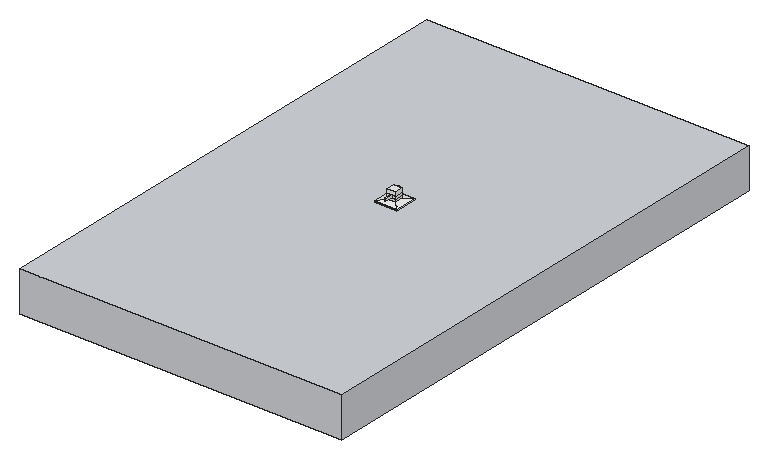
Revit family "Thermostatic_Trim-GROHE-Allure_Brilliant-19793000", category Plumbing Fixtures, host Face, Revit 2019
Family settings
  Host = Face
  Round Connector Dimension = Use Diameter
  Part Type = Normal
  OmniClass Number = 23.45.05.14.17
  OmniClass Title = Showers
  Cut with Voids When Loaded = No
  Shared = Yes
  Room Calculation Point = No
Parameters (values of type "19793000")
  Width = 6 11/16"  # constant formula
  Waste Connection = no
  Warranty Information = "LIMITED LIFETIME WARRANTY"
  Warranty Documentation Link = "https://cdn.cloud.grohe.com/tpi/1000/1900/1940/1949/1949006/original/1949006.pdf"
  WFU = 0  # constant formula
  Vent Connection = no
  URL = "https://www.grohe.us/"
  Type Comments = ""
  Shipping Weight = 6.230 lbf
  Revised Date = "07/2/2021"  # constant formula
  Product Page URL = "https://www.grohe.us/Thermostatic-Valves-Trims/Single-Function-Thermostatic-Valve-Trim-With-Control-Module/GROHE-CHROME-19793000"
  Product Documentation Link = "https://americanstandard.box.com/shared/static/rydg915cc6d3gu8jek1shkftxrik0atz.pdf"
  Price = "Prices may vary. Please consult Manufacturer Representative for most up-to-date price list."  # constant formula
  Model = "19793000"
  Material = "Metal-Grohe-StarLight_Chrome"
  Manufacturer = "Grohe"
  Length [instance] = 3 7/16"
  Length Constraint [instance] = if(Length < 3 7/16", 3 7/16", if(Length > 4 5/8", 4 5/8", Length))  # 3 7/16"
  Installation Type = "Wall Mounted"
  IAPMO Compliance = "ASME A112.18.1/CSA B125.1"
  Height = 6 11/16"  # constant formula
  HWFU = 0  # constant formula
  HW Connection = no
  Flow Rate = "6.3 gpm at 45 psi"
  Finish = Metal-Grohe-StarLight_Chrome
  Description = "Allure Brilliant Single Function Thermostatic Trim with Control Module"  # constant formula
  Default Elevation = 44"  # constant formula
  Creation Date = "06/22/2017"  # constant formula
  CWFU = 0  # constant formula
  CW Connection = no
  CEC Compliant = yes
  Assembly Code = "D2010710"
Reference planes (in)
  plane 1 "Center (Front/Back)": y = 0
  plane 2: z = 0
  plane 3 "Center (Left/Right)": x = 0
  plane 4: y = 40
  plane 5: y = -18
  plane 6: y = -39
  plane 7: y = 3.34375
  plane 8: y = -3.34375
  plane 9: x = 3.34375
  plane 10: x = -3.34375
  plane 11: z = 0.75
  plane 12: y = 1.25
  plane 13: y = -1.25
  plane 14: x = -1.25
  plane 15: x = 1.25
  plane 16: z = 3.4375
  plane 17: z = 1.38932
  plane 18: z = 1.45249
  plane 19: z = 3.20601
  plane 20: z = 2.24488
  plane 21: z = 2.18172
Forms (in)
  Extrusion 1, solid
    sketch origin (0, 0, 0) x (1, 0, 0) y (0, 1, 0)
      loop
        line (-48, 72) -> (-48, -79.70833) -> (48, -79.70833) -> (48, 72) -> (-48, 72)
    from 0 to -12
  Sweep 2, solid, material "Metal-Grohe-StarLight_Chrome" <- "Finish"
    path origin (0, 0, 0) x (1, 0, 0) y (0, 1, 0)
      loop
        line (-3.34375, 3.34375) -> (-3.34375, -3.34375) -> (3.34375, -3.34375) -> (3.34375, 3.34375) -> (-3.34375, 3.34375)
    profile origin (0, 3.34375, 0) x (0, 1, 0) y (0, 0, 1)
      loop
        line (0, 0) -> (0, 0.30718) -> (-2.09375, 0.75) -> (-2.33951, 0.75) -> (-2.33951, 0) -> (0, 0)
  Extrusion 3, solid, material "Metal-Grohe-StarLight_Chrome" <- "Finish"
    sketch origin (0, 0, 0) x (1, 0, 0) y (0, 1, 0)
      loop
        line (-1.25, 1.25) -> (-1.25, -1.25) -> (1.25, -1.25) -> (1.25, 1.25) -> (-1.25, 1.25)
    from 0 to 3.4375
  Extrusion 4, void
    sketch origin (0, 0, 0) x (1, 0, 0) y (0, 1, 0)
      loop
        line (-1.1875, 1.1875) -> (-1.1875, -1.1875) -> (1.1875, -1.1875) -> (1.1875, 1.1875) -> (-1.1875, 1.1875)
      loop
        line (-1.3125, 1.3125) -> (-1.3125, -1.3125) -> (1.3125, -1.3125) -> (1.3125, 1.3125) -> (-1.3125, 1.3125)
    from 1.38932 to 1.45249
  Extrusion 5, void
    sketch origin (0, 0, 0.79239) x (1, 0, 0) y (0, 1, 0)
      loop
        line (-1.1875, 1.1875) -> (-1.1875, -1.1875) -> (1.1875, -1.1875) -> (1.1875, 1.1875) -> (-1.1875, 1.1875)
      loop
        line (-1.3125, 1.3125) -> (-1.3125, -1.3125) -> (1.3125, -1.3125) -> (1.3125, 1.3125) -> (-1.3125, 1.3125)
    from 1.38932 to 1.45249
  Extrusion 6, solid, material "Metal-Grohe-StarLight_Chrome" <- "Finish"
    sketch origin (0, 0, 0) x (0, 1, 0) y (0, 0, 1)
      loop
        line (-3.34375, 1.45249) -> (-0.62474, 1.45249) -> (-0.62474, 2.18172) -> (-3.34375, 2.18172) -> (-3.34375, 1.45249)
      loop
        line (1.61721, 3.20601) -> (0.93777, 3.20601) -> (0.93777, 2.4259) -> (1.61721, 2.4259) -> (1.61721, 3.20601)
    from -0.12889 to 0.13131
Cuts and joins
  Extrusion 4 cuts Sweep 2
  Extrusion 4, Extrusion 5 cuts Extrusion 3
  joined: Sweep 2, Extrusion 3, Extrusion 6
Lines and regions (in)
  Masking region 1
    outline origin (0, 0, 0) x (1, 0, 0) y (0, 0, 1)
      loop
        line (3.34375, 0) -> (3.34375, 0.30718) -> (1.25, 0.75) -> (1.25, 1.38932) -> (1.1875, 1.38932) -> (1.1875, 1.45249) -> (1.25, 1.45249) -> (1.25, 2.18172) -> (1.1875, 2.18172) -> (1.1875, 2.24488) -> (1.25, 2.24488) -> (1.25, 3.4375) -> (-1.25, 3.4375) -> (-1.25, 2.24488) -> (-1.1875, 2.24488) -> (-1.1875, 2.18172) -> (-1.25, 2.18172) -> (-1.25, 1.45249) -> (-1.1875, 1.45249) -> (-1.1875, 1.38932) -> (-1.25, 1.38932) -> (-1.25, 0.75) -> (-3.34375, 0.30718) -> (-3.34375, 0) -> (3.34375, 0)
  symbolic lines, detail levels medium+fine
    curve 1: line (1.25, 0, 0.75) -> (-1.25, 0, 0.75)
  symbolic lines, detail levels fine
    curve 2: line (3.34375, 0, 0.30718) -> (-3.34375, 0, 0.30718)
    curve 3: line (1.1875, 0, 1.38932) -> (-1.1875, 0, 1.38932)
    curve 4: line (1.1875, 0, 1.45249) -> (-1.1875, 0, 1.45249)
    curve 5: line (1.1875, 0, 2.18172) -> (-1.1875, 0, 2.18172)
    curve 6: line (1.1875, 0, 2.24488) -> (-1.1875, 0, 2.24488)
    curve 7: line (0.13131, 0, 3.20601) -> (-0.12889, 0, 3.20601)
    curve 8: line (0.13131, 0, 2.4259) -> (0.13131, 0, 3.20601)
    curve 9: line (-0.12889, 0, 2.4259) -> (0.13131, 0, 2.4259)
    curve 10: line (-0.12889, 0, 3.20601) -> (-0.12889, 0, 2.4259)
Dimensions and locks (in)
  plane 1 "Center (Front/Back)" to plane 5 = 18"
  plane 5 to plane 6 = 21"
  plane 1 "Center (Front/Back)" to plane 4 = 40"
  equal spacing: plane 7, plane 1 "Center (Front/Back)", plane 8
  plane 7 to plane 8 = 6 11/16"
  plane 11 to level = 3/4"
  "Width": plane 10 to plane 9
  locked: Extrusion 1 to plane 11 at 0.75
  "Length Constraint": Extrusion 1 to plane 16
  locked: plane 17 to plane 18 at 0.06317
  cut or joined group of Sweep 2, Extrusion 3, Extrusion 4, Extrusion 5, Extrusion 6 to cut or joined group of Sweep 2, Extrusion 3, Extrusion 4, Extrusion 5, Extrusion 6 = 0.72923"
  locked: cut or joined group of Sweep 2, Extrusion 3, Extrusion 4, Extrusion 5, Extrusion 6 to cut or joined group of Sweep 2, Extrusion 3, Extrusion 4, Extrusion 5, Extrusion 6 at 0.7801  (x2)
  locked: cut or joined group of Sweep 2, Extrusion 3, Extrusion 4, Extrusion 5, Extrusion 6 to cut or joined group of Sweep 2, Extrusion 3, Extrusion 4, Extrusion 5, Extrusion 6 at 0.06317
  locked: plane 19 to plane 16 at 0.23149
  locked: plane 20 to plane 16 at 1.19262
  locked: plane 21 to plane 20 at 0.06317
  locked: plane 18 to plane 21 at 0.72923
  aligned and locked: plane 2 to Extrusion 1
  aligned and locked: level to Extrusion 1
  aligned and locked: plane 18 to cut or joined group of Sweep 2, Extrusion 3, Extrusion 4, Extrusion 5, Extrusion 6
  aligned and locked: Extrusion 6 to Extrusion 4
  aligned and locked: plane 16 to Extrusion 3
  aligned and locked: plane 19 to Extrusion 6
  aligned and locked: plane 20 to Extrusion 5
  aligned and locked: Extrusion 5 to plane 21
  aligned and locked: Extrusion 6 to plane 18
  aligned and locked: plane 18 to Extrusion 4
  aligned and locked: Extrusion 4 to plane 17
  aligned and locked: Masking region 1 to plane 16
  aligned and locked: curve 6 to plane 20
  aligned and locked: curve 5 to plane 21
  aligned and locked: plane 18 to curve 4
  aligned and locked: curve 3 to plane 17
  aligned and locked: Masking region 1 sketch curve to curve 5  (x2)
  aligned and locked: Masking region 1 sketch curve to cut or joined group of Sweep 2, Extrusion 3, Extrusion 4, Extrusion 5, Extrusion 6  (x3)
  aligned and locked: Masking region 1 sketch curve to curve 3  (x2)
  aligned and locked: Masking region 1 sketch curve to plane 18
  aligned and locked: plane 20 to Masking region 1 sketch curve
  aligned and locked: Masking region 1 sketch curve to plane 21
  aligned and locked: plane 18 to Masking region 1 sketch curve
  aligned and locked: Masking region 1 sketch curve to plane 17
Automatic sketch dimensions
  Extrusion 1 sketch curve to Extrusion 1 sketch curve = 96"
  Extrusion 1 sketch curve to Extrusion 1 sketch curve = 151.70833"
  Sweep 2 sketch curve to plane 8 = 0"
  Sweep 2 sketch curve to plane 10 = 0"
  Sweep 2 sketch curve to plane 9 = 0"
  plane 7 to Sweep 2 sketch curve = 0"
  Sweep 2 sketch curve to level = 0"
  Sweep 2 sketch curve to profile plane = 0"
  level to Sweep 2 sketch curve = 3/4"
  profile plane to Sweep 2 sketch curve = 2 3/32"
  Sweep 2 sketch curve to Sweep 2 sketch curve = 0.24576"
  level to Sweep 2 sketch curve = 0.30718"
  plane 13 to Extrusion 3 sketch curve = 0"
  Extrusion 3 sketch curve to plane 14 = 0"
  Extrusion 3 sketch curve to plane 15 = 0"
  Extrusion 3 sketch curve to plane 12 = 0"
  plane 14 to Extrusion 4 sketch curve = 1/16"
  Extrusion 4 sketch curve to plane 14 = 1/16"
  Extrusion 4 sketch curve to plane 15 = 1/16"
  plane 15 to Extrusion 4 sketch curve = 1/16"
  plane 13 to Extrusion 4 sketch curve = 1/16"
  Extrusion 4 sketch curve to plane 13 = 1/16"
  Extrusion 4 sketch curve to plane 12 = 1/16"
  plane 12 to Extrusion 4 sketch curve = 1/16"
  plane 14 to Extrusion 5 sketch curve = 1/16"
  Extrusion 5 sketch curve to plane 14 = 1/16"
  Extrusion 5 sketch curve to plane 15 = 1/16"
  plane 15 to Extrusion 5 sketch curve = 1/16"
  plane 13 to Extrusion 5 sketch curve = 1/16"
  Extrusion 5 sketch curve to plane 13 = 1/16"
  Extrusion 5 sketch curve to plane 12 = 1/16"
  plane 12 to Extrusion 5 sketch curve = 1/16"
  Extrusion 6 sketch curve to plane 8 = 0"
  plane 1 "Center (Front/Back)" to Extrusion 6 sketch curve = 0.62474"
  Extrusion 6 sketch curve to plane 12 = 0.31223"
  plane 12 to Extrusion 6 sketch curve = 0.36721"
  plane 11 to Extrusion 6 sketch curve = 0.70249"
  Extrusion 6 sketch curve to Extrusion 6 sketch curve = 0.72923"
  Extrusion 6 sketch curve to Extrusion 6 sketch curve = 0.24418"
  Extrusion 6 sketch curve to Extrusion 6 sketch curve = 0.7801"
  curve 2 to plane 10 = 0"
  curve 1 to plane 11 = 0"
  plane 14 to curve 1 = 0"
  curve 10 to plane 19 = 0"
  curve 1 to plane 15 = 0"
  plane 9 to curve 2 = 0"
  curve 10 to plane 3 "Center (Left/Right)" = 33/256"
  plane 3 "Center (Left/Right)" to curve 8 = 0.13131"
  plane 20 to curve 9 = 0.18102"
  curve 4 to plane 14 = 1/16"
  curve 5 to plane 14 = 1/16"
  curve 6 to plane 14 = 1/16"
  curve 3 to plane 14 = 1/16"
  curve 4 to plane 15 = 1/16"
  curve 3 to plane 15 = 1/16"
  curve 5 to plane 15 = 1/16"
  curve 6 to plane 15 = 1/16"
  level to curve 2 = 0.30718"
  Masking region 1 sketch curve to level = 0"
  Masking region 1 sketch curve to plane 10 = 0"
  plane 14 to Masking region 1 sketch curve = 0"  (x3)
  Masking region 1 sketch curve to plane 15 = 0"  (x3)
  Masking region 1 sketch curve to plane 11 = 0"  (x2)
  plane 9 to Masking region 1 sketch curve = 0"
  Masking region 1 sketch curve to plane 16 = 0"
  level to Masking region 1 sketch curve = 0.30718"  (x2)
